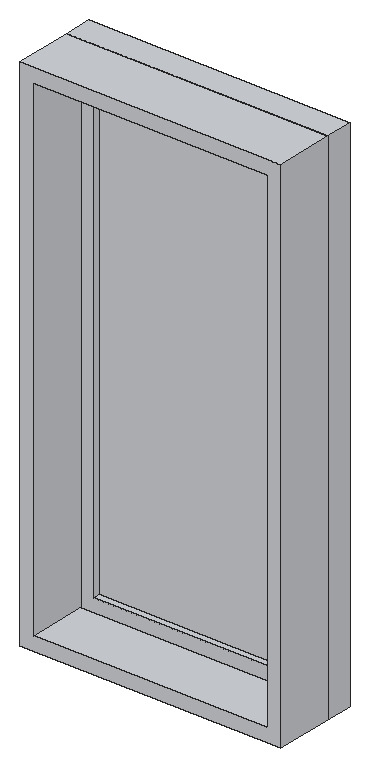
Revit family "family-001", category Windows, host Wall, Revit 2023
Family settings
  Host = Wall
  OmniClass Number = 23.30.20.17.11
  OmniClass Title = Fixed Windows
  Always vertical = Yes
  Cut with Voids When Loaded = No
  Shared = No
  Room Calculation Point = No
Parameters (values of type "0610 x 1220mm")
  Visual Light Transmittance = 0.9
  Thermal Resistance (R) = 0.271106 (m²·K)/W
  Solar Heat Gain Coefficient = 0.78
  Define Thermal Properties by = Schematic Type
  Construction Type Id = "GSP4R"
  Heat Transfer Coefficient (U) = 3.6886 W/(m²·K)
  Frame Exterior Material = none
  Frame Interior Material = none
  Glass Pane Material = none
  Height = 1220 mm
  Sash = none
  Default Sill Height = 915 mm
  Wall Closure = By host
  Width = 610 mm
  Window Inset = 19 mm
  Analytic Construction = "1/8 in Pilkington single glazing"
Types (9, lengths in mm): name | Height | Default Sill Height | Width
  0406 x 0610mm | 610 | 915 | 406
  0406 x 1220mm | 1220 | 915 | 406
  0610 x 0610mm | 610 | 915 | 610
  0610 x 1220mm | 1220 | 915 | 610
  0915 x 0610mm | 610 | 915 | 915
  0915 x 1220mm | 1220 | 915 | 915
  0406 x 1830mm | 1830 | 305 | 406
  0610 x 1830mm | 1830 | 305 | 610
  0915 x 1830mm | 1830 | 305 | 915
Reference planes
  plane 1: y = 0
  plane 2 "Center": x = 0
  plane 3 "Left": x = -305
  plane 4 "Right": x = 305
  plane 5 "Sill": z = 915
  plane 6 "Head": z = 2135
  plane 7: x = -286
  plane 8: x = 286
  plane 9: x = -273
  plane 10: x = 273
  plane 11: z = 2116
  plane 12: z = 2103
  plane 13: z = 947
  plane 14 "Closure": y = 66
Forms (mm)
  Extrusion 1, solid, material <- "Frame Interior Material"
    sketch origin (0, 0, 0) x (-1, 0, 0) y (0, 0, 1)
      loop
        line (-305, 2135) -> (-305, 915) -> (305, 915) -> (305, 2135) -> (-305, 2135)
      loop
        line (-273, 2103) -> (-273, 947) -> (273, 947) -> (273, 2103) -> (-273, 2103)
    from -87 to 50
  Extrusion 2, solid, material <- "Frame Exterior Material"
    sketch origin (0, 0, 0) x (-1, 0, 0) y (0, 0, 1)
      loop
        line (-305, 2135) -> (-305, 915) -> (305, 915) -> (305, 2135) -> (-305, 2135)
      loop
        line (-286, 2116) -> (-286, 934) -> (286, 934) -> (286, 2116) -> (-286, 2116)
    from 50 to 113
  Extrusion 3, solid, material <- "Sash"
    sketch origin (0, 0, 0) x (-1, 0, 0) y (0, 0, 1)
      loop
        line (-286, 2116) -> (-286, 934) -> (286, 934) -> (286, 2116) -> (-286, 2116)
      loop
        line (-242, 2072) -> (-242, 978) -> (242, 978) -> (242, 2072) -> (-242, 2072)
    from 50 to 94
  Extrusion 4, solid, material <- "Glass Pane Material"
    sketch origin (0, 0, 0) x (-1, 0, 0) y (0, 0, 1)
      loop
        line (-242, 2072) -> (-242, 978) -> (242, 978) -> (242, 2072) -> (-242, 2072)
    from 66 to 78
Lines and regions (mm)
  Opening 1
    outline origin (3500, -87, 0) x (1, 0, 0) y (0, 0, 1)
      loop
        line (-3195, 915) -> (-3195, 2135) -> (-3805, 2135) -> (-3805, 915) -> (-3195, 915)
  symbolic lines, style "WindowsFrameMullionProjection"
    curve 1: line (-305, 113, 0) -> (-286, 113, 0)
    curve 2: line (-305, -87, 0) -> (-273, -87, 0)
    curve 3: line (-286, 94, 0) -> (-242, 94, 0)
    curve 4: line (-286, 50, 0) -> (-242, 50, 0)
    curve 5: line (-286, 113, 0) -> (-286, 50, 0)
    curve 6: line (-242, 94, 0) -> (-242, 50, 0)
    curve 7: line (-273, 50, 0) -> (-273, -87, 0)
    curve 8: line (303.878, 113, 0) -> (286, 113, 0)
    curve 9: line (286, 113, 0) -> (286, 50, 0)
    curve 10: line (286, 94, 0) -> (242, 94, 0)
    curve 11: line (242, 94, 0) -> (242, 50, 0)
    curve 12: line (242, 50, 0) -> (286, 50, 0)
    curve 13: line (305, -87, 0) -> (273, -87, 0)
    curve 14: line (273, 50, 0) -> (273, -87, 0)
  symbolic lines, style "WindowsGlassProjection"
    curve 15: line (-242, 72, 0) -> (242, 72, 0)
Text (mm)
  text "EXTERIOR" at (-1394.263, 836.427, 0), in view "Floor Line"
  text "INTERIOR" at (-1394.263, -535.979, 0), in view "Floor Line"
  text "Exterior" at (0, 314.263, 3273.967), in view "Right"
  text "Exterior" at (0, 999.457, 3063.296), in view "Left"
Dimensions and locks
  equal spacing: plane 3 "Left", plane 2 "Center", plane 4 "Right"
  "Width": plane 3 "Left" to plane 4 "Right"
  "Height": plane 5 "Sill" to plane 6 "Head"
  "Default Sill Height": plane 5 "Sill" to level
  "Window Inset": host wall to Extrusion 3
  locked: Extrusion 3 to Extrusion 3 at 44
  locked: Extrusion 3 to Extrusion 4 at 16
  locked: Extrusion 4 to Extrusion 4 at 12
  locked: Extrusion 1 sketch curve to Extrusion 1 sketch curve at 32  (x2)
  locked: plane 3 "Left" to plane 7 at 19
  locked: plane 8 to plane 4 "Right" at 19
  locked: plane 10 to plane 4 "Right" at 32
  locked: plane 3 "Left" to plane 9 at 32
  locked: plane 11 to plane 6 "Head" at 19
  locked: plane 6 "Head" to plane 12 at 32
  locked: plane 13 to plane 5 "Sill" at 32
  locked: plane 14 "Closure" to host wall at 47
  aligned and locked: host wall to Extrusion 1
  aligned and locked: host wall to Extrusion 2
  aligned and locked: Extrusion 3 sketch curve to Extrusion 2  (x4)
  aligned and locked: Extrusion 3 to Extrusion 1
  aligned and locked: Extrusion 2 to Extrusion 1
  aligned and locked: Extrusion 4 sketch curve to Extrusion 3  (x4)
  aligned and locked: curve 1 to Extrusion 2  (x2)
  aligned and locked: Extrusion 1 to curve 2
  aligned and locked: curve 3 to Extrusion 3
  aligned and locked: curve 4 to Extrusion 2  (x2)
  aligned and locked: curve 5 to Extrusion 2
  aligned and locked: curve 6 to Extrusion 3
  aligned and locked: curve 7 to Extrusion 1
  aligned and locked: Extrusion 2 to curve 9
  aligned and locked: curve 10 to Extrusion 3
  aligned and locked: curve 11 to Extrusion 3
  aligned and locked: Extrusion 3 to curve 12
  aligned and locked: curve 13 to Extrusion 1  (x2)
  aligned and locked: curve 14 to Extrusion 1
  aligned and locked: Extrusion 2 to curve 8
Automatic sketch dimensions
  Extrusion 1 sketch curve to plane 5 "Sill" = 32 mm
  plane 6 "Head" to Extrusion 1 sketch curve = 32 mm
  plane 4 "Right" to Extrusion 2 sketch curve = 19 mm
  Extrusion 2 sketch curve to Extrusion 2 sketch curve = 19 mm
  Extrusion 2 sketch curve to plane 5 "Sill" = 19 mm
  plane 6 "Head" to Extrusion 2 sketch curve = 19 mm
  Extrusion 3 sketch curve to Extrusion 3 sketch curve = 44 mm
  Extrusion 3 sketch curve to plane 3 "Left" = 63 mm
  Extrusion 3 sketch curve to plane 5 "Sill" = 63 mm
  plane 6 "Head" to Extrusion 3 sketch curve = 63 mm
  Extrusion 1 sketch curve to plane 4 "Right" = 0 mm
  Extrusion 1 sketch curve to plane 3 "Left" = 0 mm
  Extrusion 1 sketch curve to plane 5 "Sill" = 0 mm
  Extrusion 1 sketch curve to plane 6 "Head" = 0 mm
  Extrusion 2 sketch curve to plane 4 "Right" = 0 mm
  Extrusion 2 sketch curve to plane 3 "Left" = 0 mm
  Extrusion 2 sketch curve to plane 5 "Sill" = 0 mm
  Extrusion 2 sketch curve to plane 6 "Head" = 0 mm
  plane 4 "Right" to curve 8 = 1.122 mm
  curve 15 to curve 3 = 22 mm
  curve 2 to host wall = 0 mm
  Opening 1 sketch curve to plane 3 "Left" = 0 mm
  Opening 1 sketch curve to plane 4 "Right" = 0 mm
  Opening 1 sketch curve to plane 5 "Sill" = 0 mm
  Opening 1 sketch curve to plane 6 "Head" = 0 mm
